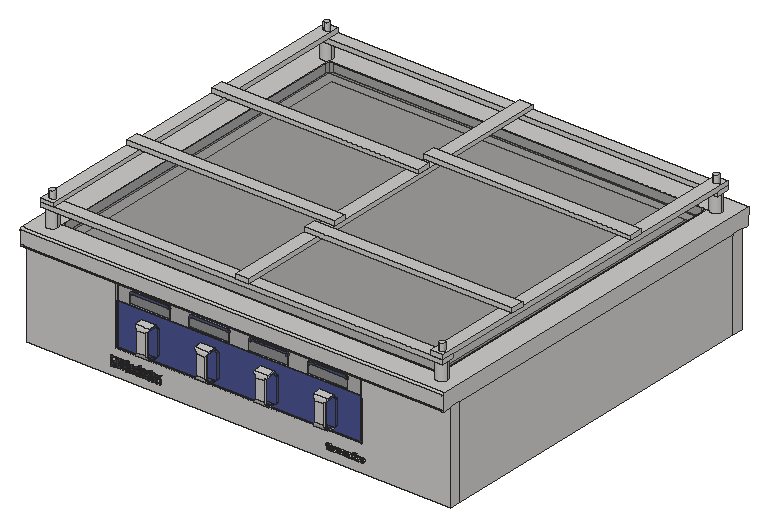
Revit family "QF_ELECTROLUXPROFESSIONAL_589843_MCIDAAJODM", category Attrezzature speciali, Revit 2020
Family settings
  Quota connettore circolare = Usa diametro
  Tipo di parte = Normale
  Basato su piano di lavoro = No
  Sempre verticale = Sì
  Taglio con vuoti quando caricato = No
  Condiviso = No
  Punto di calcolo locali = No
Parameters (values of type "Standard")
  Weight = 94.00 kg
  Watts = 20000 W
  Volts = 440 V
  URL Manufacturer = "https://www.electroluxprofessional.com/"
  URL = "https://www.electroluxprofessional.com/"
  Steam Supply Size = 0"
  Steam Supply Minimum Pressure = 0.00 psi
  Steam Supply Maximum Pressure = 0.00 psi
  Steam Consumption per Hour = 0
  Refrigeration Suction Line Size = 0 mm
  Refrigeration Liquid Line Size = 0 mm
  Refrigerant Compressor Remote = yes
  Prospetto di default = 0 mm
  Phase = 3
  Modello = "MCIDAAJODM"
  Produttore = "Electrolux Professional"
  Length Actual = 1000 mm  # constant formula
  Item Number = "589843"
  Hot Water Size = 0"
  Height Actual = 250 mm  # constant formula
  HP = "26.8 HP"
  Gas Size = 0"
  Gas KW = 0
  Gas Input Pressure = 0.0 Btu/h
  Direct Waste Size = 0"
  Descrizione = "MARINE*INDUCTION TOP,4Z,1S,1000X900X250H"
  Depth Actual = 900 mm  # constant formula
  Cycle = 50 Hz
  Condensate Return Size = 0"
  Compressed Air Volume = 0 GPM
  Compressed Air Size = 0"
  Compressed Air Pressure = 0.00 psi
  Cold Water Size = 0"
  Accessory = yes
Reference planes
  plane 1 "BACK": y = 0
  plane 2: z = 0
  plane 3 "LEFT": x = -100
  plane 4 "RIGHT": x = 900
  plane 5 "FRONT": y = -900
  plane 6 "TOP": z = 900
  plane 7 "Center (Left/Right)": x = 400
  plane 8: y = -450
  plane 9: z = 200
  plane 10: y = -150
  plane 11 "Panel": y = -855
  plane 12: z = 798
  plane 13: z = 975
  plane 14: x = -22
  plane 15: x = 822
  plane 16: y = -150
  plane 17: y = -650
  plane 18 "EIx": x = 855
  plane 19 "EIy": y = -685
  plane 20: y = -880
  plane 21 "TopBase": z = 650
Forms (mm)
  Extrusion 1, solid, material "QF_Finishes_Stainless Steel"
    sketch origin (-178.969, -4572, 200) x (-1, 0, 0) y (0, -1, 0)
      loop
        line (-78.969, -4527) -> (-78.969, -3717) -> (-1078.969, -3717) -> (-1078.969, -4527) -> (-78.969, -4527)
    from 450 to 663
  Extrusion 2, solid, material "QF_Finishes_Stainless Steel"
    sketch origin (0, 0, 650) x (-1, 0, 0) y (0, -1, 0)
      loop
        circle (-855, 685) r 6.35
    from 0 to -11.851
  Extrusion 3, solid, material "QF_Finishes_Stainless Steel"
    sketch origin (400, 296.4, 1219.2) x (0, 1, 0) y (0, 0, 1)
      loop
        line (-296.4, -319.2) -> (-1191.4, -319.2)
        arc (-1191.4, -319.2) -> (-1194.935, -320.664) -> (-1196.4, -324.2) r 5
        line (-1196.4, -324.2) -> (-1196.4, -355.2)
        arc (-1196.4, -355.2) -> (-1194.971, -358.264) -> (-1191.705, -359.139) r 4
        line (-1191.705, -359.139) -> (-1176.4, -356.231) -> (-316.4, -356.231) -> (-301.094, -359.139)
        arc (-301.094, -359.139) -> (-297.829, -358.264) -> (-296.4, -355.2) r 4
        line (-296.4, -355.2) -> (-296.4, -319.2)
    from -500 to 500
  Extrusion 4, solid, material "QF_Finishes_Electrolux_Black Smoke Iluminated"
    sketch origin (0, 0, 900) x (-1, 0, 0) y (0, -1, 0)
      loop
        arc (35, 56) -> (42.071, 58.929) -> (45, 66) r 10
        line (45, 66) -> (45, 833)
        arc (45, 833) -> (42.071, 840.071) -> (35, 843) r 10
        line (35, 843) -> (-835, 843)
        arc (-835, 843) -> (-842.071, 840.071) -> (-845, 833) r 10
        line (-845, 833) -> (-845, 66)
        arc (-845, 66) -> (-842.071, 58.929) -> (-835, 56) r 10
        line (-835, 56) -> (35, 56)
    from 0 to -20
  Extrusion 5, void
    sketch origin (0, 0, 900) x (-1, 0, 0) y (0, -1, 0)
      loop
        line (47, 845) -> (-847, 845) -> (-847, 54) -> (47, 54) -> (47, 845)
    from 0 to -25
  Extrusion 6, solid, material "QF_Finishes_Stainless Steel"
    sketch origin (0, 0, 900) x (-1, 0, 0) y (0, -1, 0)
      loop
        line (18, 83) -> (18, 816) -> (-818, 816) -> (-818, 83) -> (18, 83)
    from -20 to -25
  Extrusion 7, solid, material "QF_Finishes_Stainless Steel"
    sketch origin (400, 296.4, 1219.169) x (0, 1, 0) y (0, 0, 1)
      loop
        line (-341.4, -356.2) -> (-341.4, -569.2) -> (-316.4, -569.2) -> (-316.4, -356.2) -> (-341.4, -356.2)
    from -500 to 500
  Extrusion 8, solid, material "QF_Finishes_Stainless Steel"
    sketch origin (0, 0, 940) x (0, 1, 0) y (-1, 0, 0)
      loop
        line (-30, 75) -> (-60, 75) -> (-60, -875) -> (-30, -875) -> (-30, 75)
      loop
        line (-870, 75) -> (-870, -875) -> (-840, -875) -> (-840, 75) -> (-870, 75)
      loop
        circle (-855, 60) r 6.5
      loop
        circle (-855, -860) r 6.5
      loop
        circle (-45, 60) r 6.5
      loop
        circle (-45, -860) r 6.5
    from 0 to 10
  Extrusion 9, solid, material "QF_Finishes_Stainless Steel"
    sketch origin (0, 0, 950) x (0, 1, 0) y (-1, 0, 0)
      loop
        line (-30, 75) -> (-870, 75) -> (-870, 45) -> (-30, 45) -> (-30, 75)
      loop
        line (-30, -875) -> (-30, -845) -> (-870, -845) -> (-870, -875) -> (-30, -875)
      loop
        line (-30, -415) -> (-30, -385) -> (-870, -385) -> (-870, -415) -> (-30, -415)
      loop
        circle (-45, 60) r 6.5
      loop
        circle (-45, -860) r 6.5
      loop
        circle (-855, 60) r 6.5
      loop
        circle (-855, -860) r 6.5
    from 0 to 10
  Extrusion 10, solid, material "QF_Finishes_Stainless Steel"
    sketch origin (0, 0, 960) x (0, 1, 0) y (-1, 0, 0)
      loop
        line (-336, 75) -> (-366, 75) -> (-366, -415) -> (-336, -415) -> (-336, 75)
      loop
        line (-586, 75) -> (-616, 75) -> (-616, -415) -> (-586, -415) -> (-586, 75)
      loop
        line (-286, -385) -> (-316, -385) -> (-316, -875) -> (-286, -875) -> (-286, -385)
      loop
        line (-636, -385) -> (-666, -385) -> (-666, -875) -> (-636, -875) -> (-636, -385)
    from 0 to 10
  Extrusion 11, solid, material "QF_Finishes_Stainless Steel"
    sketch origin (0, -1, 900) x (-1, 0, 0) y (0, -1, 0)
      loop
        circle (60, 44) r 13
      loop
        circle (-860, 44) r 13
      loop
        circle (60, 854) r 13
      loop
        circle (-860, 854) r 13
    from 0 to 40
  Extrusion 12, solid, material "QF_Finishes_Stainless Steel"
    sketch origin (0, -1, 940) x (0, 1, 0) y (-1, 0, 0)
      loop
        circle (-854, 60) r 6.5
      loop
        circle (-854, -860) r 6.5
      loop
        circle (-44, 60) r 6.5
      loop
        circle (-44, -860) r 6.5
    from 0 to 35
Cuts and joins
  Extrusion 5 cuts Extrusion 3
Lines and regions (mm)
  symbolic lines
    curve 1: line (-100, 0, 200) -> (900, 0, 200)
    curve 2: line (-100, -900, 200) -> (-100, 0, 200)
    curve 3: line (900, -900, 200) -> (-100, -900, 200)
    curve 4: line (900, 0, 200) -> (900, -900, 200)
    curve 43: line (-75, -30, 900) -> (-45, -30, 900)
    curve 44: line (-75, -870, 900) -> (-75, -30, 900)
    curve 45: line (-45, -870, 900) -> (-75, -870, 900)
    curve 46: line (-45, -30, 900) -> (-45, -336, 900)
    curve 47: line (875, -30, 900) -> (845, -30, 900)
    curve 48: line (875, -870, 900) -> (875, -30, 900)
    curve 49: line (845, -870, 900) -> (875, -870, 900)
    curve 50: line (845, -30, 900) -> (845, -286, 900)
    curve 51: line (-75, -336, 900) -> (415, -336, 900)
    curve 52: line (-75, -366, 900) -> (415, -366, 900)
    curve 53: line (-75, -586, 900) -> (415, -586, 900)
    curve 54: line (-75, -616, 900) -> (415, -616, 900)
    curve 55: line (385, -286, 900) -> (875, -286, 900)
    curve 56: line (385, -316, 900) -> (875, -316, 900)
    curve 57: line (385, -636, 900) -> (875, -636, 900)
    curve 58: line (385, -666, 900) -> (875, -666, 900)
    curve 59: line (-18, -83, 900) -> (387, -83, 900)
    curve 60: line (415, -83, 900) -> (818, -83, 900)
    curve 61: line (818, -83, 900) -> (818, -286, 900)
    curve 62: line (818, -316, 900) -> (818, -636, 900)
    curve 63: line (818, -666, 900) -> (818, -816, 900)
    curve 64: line (818, -816, 900) -> (415, -816, 900)
    curve 65: line (-18, -816, 900) -> (-18, -616, 900)
    curve 66: line (-18, -586, 900) -> (-18, -366, 900)
    curve 67: line (-18, -336, 900) -> (-18, -83, 900)
    curve 68: line (415, -870, 900) -> (415, -666, 900)
    curve 69: line (385, -870, 900) -> (385, -616, 900)
    curve 70: line (415, -636, 900) -> (415, -316, 900)
    curve 71: line (385, -586, 900) -> (385, -366, 900)
    curve 72: line (385, -336, 900) -> (385, -30, 900)
    curve 73: line (415, -286, 900) -> (415, -30, 900)
    curve 74: line (-45, -30, 900) -> (845, -30, 900)
    curve 75: line (-45, -870, 900) -> (845, -870, 900)
    curve 76: line (-45, -840, 900) -> (385, -840, 900)
    curve 77: line (415, -840, 900) -> (845, -840, 900)
    curve 78: line (-45, -60, 900) -> (385, -60, 900)
    curve 79: line (415, -60, 900) -> (845, -60, 900)
    curve 80: line (-45, -366, 900) -> (-45, -586, 900)
    curve 81: line (-45, -616, 900) -> (-45, -870, 900)
    curve 82: line (845, -666, 900) -> (845, -870, 900)
    curve 83: line (845, -316, 900) -> (845, -636, 900)
    curve 84: line (385, -816, 900) -> (-18, -816, 900)
  model lines
    curve 5: line (64.474, -422.012, 900) -> (46.796, -404.335, 900)
    curve 6: line (46.796, -404.335, 900) -> (46.796, -169.335, 900)
    curve 7: line (46.796, -169.335, 900) -> (64.474, -151.657, 900)
    curve 8: line (183.85, -245.603, 900) -> (183.85, -325.603, 900)
    curve 9: line (143.85, -285.603, 900) -> (223.85, -285.603, 900)
    curve 10: line (303.226, -422.012, 900) -> (320.903, -404.335, 900)
    curve 11: line (320.903, -404.335, 900) -> (320.903, -169.335, 900)
    curve 12: line (320.903, -169.335, 900) -> (303.226, -151.657, 900)
    curve 13: line (494.474, -422.012, 900) -> (476.796, -404.335, 900)
    curve 14: line (476.796, -404.335, 900) -> (476.796, -169.335, 900)
    curve 15: line (476.796, -169.335, 900) -> (494.474, -151.657, 900)
    curve 16: line (613.85, -245.603, 900) -> (613.85, -325.603, 900)
    curve 17: line (573.85, -285.603, 900) -> (653.85, -285.603, 900)
    curve 18: line (733.226, -422.012, 900) -> (750.903, -404.335, 900)
    curve 19: line (750.903, -404.335, 900) -> (750.903, -169.335, 900)
    curve 20: line (750.903, -169.335, 900) -> (733.226, -151.657, 900)
    curve 21: line (64.474, -477.988, 900) -> (46.796, -495.665, 900)
    curve 22: line (46.796, -495.665, 900) -> (46.796, -730.665, 900)
    curve 23: line (46.796, -730.665, 900) -> (64.474, -748.343, 900)
    curve 24: line (183.85, -654.397, 900) -> (183.85, -574.397, 900)
    curve 25: line (143.85, -614.397, 900) -> (223.85, -614.397, 900)
    curve 26: line (303.226, -477.988, 900) -> (320.903, -495.665, 900)
    curve 27: line (320.903, -495.665, 900) -> (320.903, -730.665, 900)
    curve 28: line (320.903, -730.665, 900) -> (303.226, -748.343, 900)
    curve 29: line (494.474, -477.988, 900) -> (476.796, -495.665, 900)
    curve 30: line (476.796, -495.665, 900) -> (476.796, -730.665, 900)
    curve 31: line (476.796, -730.665, 900) -> (494.474, -748.343, 900)
    curve 32: line (613.85, -654.397, 900) -> (613.85, -574.397, 900)
    curve 33: line (573.85, -614.397, 900) -> (653.85, -614.397, 900)
    curve 34: line (733.226, -477.988, 900) -> (750.903, -495.665, 900)
    curve 35: line (750.903, -495.665, 900) -> (750.903, -730.665, 900)
    curve 36: line (750.903, -730.665, 900) -> (733.226, -748.343, 900)
    curve 37: line (-7.896, -110.891, 900) -> (13.317, -89.677, 900)
    curve 38: line (13.317, -89.677, 900) -> (786.683, -89.677, 900)
    curve 39: line (807.896, -110.891, 900) -> (786.683, -89.677, 900)
    curve 40: line (-7.896, -789.109, 900) -> (13.317, -810.323, 900)
    curve 41: line (13.317, -810.323, 900) -> (786.683, -810.323, 900)
    curve 42: line (807.896, -789.109, 900) -> (786.683, -810.323, 900)
Dimensions and locks
  plane 3 "LEFT" to plane 4 "RIGHT" = 1000 mm
  plane 5 "FRONT" to plane 1 "BACK" = 900 mm
  plane 3 "LEFT" to plane 7 "Center (Left/Right)" to plane 4 "RIGHT" = 500 mm, 500 mm
  equal spacing: plane 5 "FRONT", plane 8, plane 1 "BACK"
  plane 6 "TOP" to level = 900 mm  (x2)
  plane 9 to level = 200 mm
  plane 1 "BACK" to plane 10 to plane 11 "Panel" = 150 mm, 705 mm  (x2)
  plane 6 "TOP" to plane 9 to level = 700 mm, 200 mm
  plane 1 "BACK" to plane 5 "FRONT" = 900 mm
  plane 1 "BACK" to Extrusion 2 = 685 mm
  plane 12 to plane 9 = 598 mm
  plane 13 to plane 6 "TOP" = 75 mm
  plane 6 "TOP" to plane 12 = 102 mm
  plane 14 to plane 3 "LEFT" = 78 mm
  plane 15 to plane 4 "RIGHT" = 78 mm
  locked: plane 1 "BACK" to plane 16 at 150
  locked: plane 16 to plane 17 at 500
  plane 11 "Panel" to plane 5 "FRONT" = 45 mm
  plane 18 "EIx" to plane 4 "RIGHT" = 45 mm
  plane 19 "EIy" to plane 1 "BACK" = 685 mm
  locked: plane 11 "Panel" to plane 20 at 25
  aligned and locked: level to plane 2
  aligned and locked: cut or joined group of Extrusion 3, Extrusion 5 to plane 3 "LEFT"
  aligned and locked: cut or joined group of Extrusion 3, Extrusion 5 to plane 4 "RIGHT"
  aligned and locked: nested 1 to plane 11 "Panel"
  aligned and locked: Extrusion 1 to plane 11 "Panel"
  aligned and locked: Extrusion 7 to plane 4 "RIGHT"
  aligned and locked: Extrusion 1 to plane 3 "LEFT"
  aligned and locked: Extrusion 7 to plane 3 "LEFT"
  aligned and locked: Extrusion 1 to plane 4 "RIGHT"
Automatic sketch dimensions
  Extrusion 3 sketch curve to plane 5 "FRONT" = 0 mm
  Extrusion 3 sketch curve to plane 6 "TOP" = 0 mm
  Extrusion 3 sketch curve to plane 20 = 0 mm
  Extrusion 3 sketch curve to plane 1 "BACK" = 0 mm
  Extrusion 3 sketch curve to Extrusion 3 sketch curve = 4 mm
  Extrusion 3 sketch curve to Extrusion 3 sketch curve = 0.695 mm
  Extrusion 3 sketch curve to plane 5 "FRONT" = 5 mm
  plane 1 "BACK" to Extrusion 3 sketch curve = 20 mm
  plane 1 "BACK" to Extrusion 3 sketch curve = 4.695 mm
  plane 1 "BACK" to Extrusion 3 sketch curve = 4 mm
  Extrusion 3 sketch curve to Extrusion 3 sketch curve = 31 mm
  Extrusion 3 sketch curve to Extrusion 3 sketch curve = 36 mm
  Extrusion 3 sketch curve to Extrusion 3 sketch curve = 2.909 mm
  plane 1 "BACK" to Extrusion 7 sketch curve = 45 mm
  plane 1 "BACK" to Extrusion 7 sketch curve = 20 mm
  Extrusion 7 sketch curve to plane 12 = 148.031 mm
  Extrusion 7 sketch curve to plane 6 "TOP" = 37.031 mm
  Extrusion 2 sketch curve to plane 18 "EIx" = 0 mm
  Extrusion 2 sketch curve to plane 19 "EIy" = 0 mm
  Extrusion 1 sketch curve to plane 4 "RIGHT" = 0 mm
  Extrusion 1 sketch curve to plane 3 "LEFT" = 0 mm
  Extrusion 1 sketch curve to plane 11 "Panel" = 0 mm
  plane 1 "BACK" to Extrusion 1 sketch curve = 45 mm
  plane 1 "BACK" to curve 1 = 0 mm
  curve 1 to plane 4 "RIGHT" = 0 mm
  curve 3 to plane 3 "LEFT" = 0 mm
  plane 5 "FRONT" to curve 3 = 0 mm
  plane 18 "EIx" to Extrusion 4 sketch curve = 10 mm
  Extrusion 4 sketch curve to plane 15 = 13 mm
  Extrusion 4 sketch curve to Extrusion 4 sketch curve = 10 mm  (x2)
  plane 14 to Extrusion 4 sketch curve = 13 mm  (x2)
  plane 1 "BACK" to Extrusion 4 sketch curve = 56 mm
  plane 11 "Panel" to Extrusion 4 sketch curve = 22 mm
  plane 18 "EIx" to Extrusion 5 sketch curve = 8 mm
  plane 14 to Extrusion 5 sketch curve = 25 mm
  plane 1 "BACK" to Extrusion 5 sketch curve = 54 mm
  plane 11 "Panel" to Extrusion 5 sketch curve = 10 mm
  plane 15 to Extrusion 6 sketch curve = 4 mm
  Extrusion 6 sketch curve to plane 14 = 4 mm
  plane 10 to Extrusion 6 sketch curve = 67 mm
  plane 11 "Panel" to Extrusion 6 sketch curve = 39 mm
  Extrusion 8 sketch curve to plane 11 "Panel" = 0 mm  (x2)
  Extrusion 8 sketch curve to plane 20 = 10 mm
  plane 11 "Panel" to Extrusion 8 sketch curve = 15 mm
  Extrusion 8 sketch curve to plane 18 "EIx" = 20 mm  (x2)
  plane 1 "BACK" to Extrusion 8 sketch curve = 60 mm
  Extrusion 8 sketch curve to Extrusion 8 sketch curve = 15 mm  (x5)
  Extrusion 8 sketch curve to plane 18 "EIx" = 5 mm  (x2)
  plane 14 to Extrusion 8 sketch curve = 38 mm  (x2)
  Extrusion 9 sketch curve to plane 11 "Panel" = 0 mm  (x2)
  Extrusion 9 sketch curve to plane 20 = 10 mm  (x3)
  Extrusion 9 sketch curve to plane 18 "EIx" = 5 mm  (x2)
  plane 1 "BACK" to Extrusion 9 sketch curve = 45 mm  (x2)
  plane 1 "BACK" to Extrusion 9 sketch curve = 30 mm
  Extrusion 9 sketch curve to Extrusion 9 sketch curve = 15 mm  (x5)
  Extrusion 9 sketch curve to plane 18 "EIx" = 20 mm
  plane 18 "EIx" to Extrusion 9 sketch curve = 10 mm
  plane 7 "Center (Left/Right)" to Extrusion 9 sketch curve = 15 mm
  Extrusion 9 sketch curve to plane 7 "Center (Left/Right)" = 15 mm
  plane 14 to Extrusion 9 sketch curve = 23 mm
  plane 17 to Extrusion 10 sketch curve = 16 mm
  Extrusion 10 sketch curve to plane 17 = 14 mm
  Extrusion 10 sketch curve to plane 17 = 34 mm
  Extrusion 10 sketch curve to Extrusion 10 sketch curve = 30 mm  (x3)
  plane 3 "LEFT" to Extrusion 10 sketch curve = 25 mm  (x2)
  plane 8 to Extrusion 10 sketch curve = 84 mm
  Extrusion 10 sketch curve to plane 7 "Center (Left/Right)" = 15 mm  (x2)
  Extrusion 10 sketch curve to Extrusion 10 sketch curve = 20 mm
  plane 7 "Center (Left/Right)" to Extrusion 10 sketch curve = 15 mm  (x2)
  Extrusion 10 sketch curve to plane 18 "EIx" = 20 mm  (x2)
  Extrusion 11 sketch curve to plane 11 "Panel" = 0 mm  (x2)
  Extrusion 11 sketch curve to plane 18 "EIx" = 5 mm  (x2)
  plane 14 to Extrusion 11 sketch curve = 38 mm  (x2)
  plane 1 "BACK" to Extrusion 11 sketch curve = 45 mm  (x2)
  Extrusion 12 sketch curve to plane 11 "Panel" = 0 mm  (x2)
  Extrusion 12 sketch curve to plane 18 "EIx" = 5 mm  (x2)
  plane 1 "BACK" to Extrusion 12 sketch curve = 45 mm  (x2)
  plane 14 to Extrusion 12 sketch curve = 38 mm  (x2)
  curve 49 to plane 18 "EIx" = 20 mm
  plane 18 "EIx" to curve 47 = 10 mm
  plane 18 "EIx" to curve 82 = 10 mm
  plane 15 to curve 61 = 4 mm
  plane 15 to curve 64 = 4 mm
  curve 60 to curve 39 = 31.317 mm
  curve 63 to curve 42 = 31.317 mm
  curve 19 to plane 10 = 19.335 mm
  plane 15 to curve 19 = 71.097 mm
  plane 15 to curve 36 = 71.097 mm
  plane 7 "Center (Left/Right)" to curve 30 = 76.796 mm
  plane 7 "Center (Left/Right)" to curve 14 = 76.796 mm
  curve 11 to plane 10 = 19.335 mm
  curve 11 to plane 7 "Center (Left/Right)" = 79.097 mm
  curve 28 to plane 7 "Center (Left/Right)" = 79.097 mm
  curve 22 to plane 14 = 68.796 mm
  curve 5 to plane 14 = 68.796 mm
  curve 40 to plane 14 = 35.317 mm
  curve 38 to plane 14 = 35.317 mm
  curve 65 to plane 14 = 4 mm
  curve 59 to plane 14 = 4 mm
  curve 75 to plane 20 = 10 mm
  plane 14 to curve 75 = 23 mm
  plane 14 to curve 74 = 23 mm
  plane 3 "LEFT" to curve 45 = 25 mm
  plane 10 to curve 38 = 60.323 mm
  curve 60 to curve 38 = 6.677 mm
  curve 67 to curve 37 = 6.677 mm
  plane 1 "BACK" to curve 74 = 30 mm
  curve 7 to plane 10 = 19.335 mm
  curve 14 to plane 10 = 19.335 mm
  plane 8 to curve 5 = 45.665 mm
  plane 8 to curve 10 = 45.665 mm
  plane 8 to curve 19 = 45.665 mm
  plane 8 to curve 13 = 45.665 mm
  curve 30 to plane 8 = 45.665 mm
  curve 26 to plane 8 = 45.665 mm
  curve 35 to plane 8 = 45.665 mm
  curve 21 to plane 8 = 45.665 mm
  curve 35 to plane 19 "EIy" = 45.665 mm
  curve 28 to plane 19 "EIy" = 45.665 mm
  curve 31 to plane 19 "EIy" = 45.665 mm
  curve 23 to plane 19 "EIy" = 45.665 mm
  plane 11 "Panel" to curve 41 = 44.677 mm
  curve 41 to curve 64 = 5.677 mm
  curve 40 to curve 84 = 5.677 mm
  plane 18 "EIx" to curve 83 = 10 mm
  plane 15 to curve 62 = 4 mm
  plane 15 to curve 39 = 14.104 mm
  plane 15 to curve 42 = 14.104 mm
  curve 34 to plane 8 = 27.988 mm
  curve 34 to curve 34 = 17.678 mm
  curve 35 to curve 36 = 17.678 mm  (x2)
  curve 20 to plane 10 = 1.657 mm
  curve 19 to curve 20 = 17.678 mm
  plane 8 to curve 18 = 27.988 mm
  curve 18 to curve 18 = 17.678 mm
  curve 33 to plane 17 = 35.603 mm
  curve 35 to curve 33 = 97.053 mm
  curve 19 to curve 17 = 97.053 mm
  curve 17 to curve 16 = 40 mm  (x2)
  curve 33 to curve 32 = 40 mm
  curve 32 to curve 33 = 40 mm  (x2)
  curve 16 to curve 17 = 40 mm  (x2)
  curve 31 to curve 30 = 17.678 mm
  curve 29 to plane 8 = 27.988 mm
  curve 29 to curve 29 = 17.678 mm
  curve 15 to plane 10 = 1.657 mm
  curve 15 to curve 14 = 17.678 mm
  plane 8 to curve 13 = 27.988 mm
  curve 13 to curve 13 = 17.678 mm
  plane 7 "Center (Left/Right)" to curve 64 = 15 mm
  plane 7 "Center (Left/Right)" to curve 70 = 15 mm
  plane 7 "Center (Left/Right)" to curve 73 = 15 mm
  curve 59 to plane 7 "Center (Left/Right)" = 13 mm
  curve 56 to plane 7 "Center (Left/Right)" = 15 mm
  curve 57 to plane 7 "Center (Left/Right)" = 15 mm
  curve 71 to plane 7 "Center (Left/Right)" = 15 mm
  curve 26 to plane 8 = 27.988 mm
  curve 26 to curve 26 = 17.678 mm
  curve 27 to curve 28 = 17.678 mm  (x2)
  curve 12 to plane 10 = 1.657 mm
  curve 11 to curve 12 = 17.678 mm
  plane 8 to curve 10 = 27.988 mm
  curve 10 to curve 10 = 17.678 mm
  curve 11 to curve 9 = 97.053 mm
  curve 25 to plane 17 = 35.603 mm
  curve 27 to curve 25 = 97.053 mm
  curve 9 to curve 8 = 40 mm  (x2)
  plane 17 to curve 24 = 4.397 mm
  curve 25 to curve 24 = 40 mm
  curve 8 to curve 9 = 40 mm  (x2)
  curve 24 to curve 25 = 40 mm  (x2)
  curve 21 to plane 8 = 27.988 mm
  curve 21 to curve 21 = 17.678 mm
  plane 8 to curve 5 = 27.988 mm
  curve 5 to curve 5 = 17.678 mm
  curve 23 to curve 22 = 17.678 mm
  curve 7 to plane 10 = 1.657 mm
  curve 7 to curve 6 = 17.678 mm
  curve 37 to plane 14 = 14.104 mm
  curve 40 to plane 14 = 14.104 mm
  curve 66 to plane 14 = 4 mm
  plane 14 to curve 80 = 23 mm
  curve 60 to curve 39 = 27.891 mm
  curve 59 to curve 37 = 27.891 mm
  curve 78 to curve 59 = 23 mm
  curve 79 to curve 60 = 23 mm
  curve 16 to plane 10 = 95.603 mm
  curve 8 to plane 10 = 95.603 mm
  curve 11 to curve 55 = 116.665 mm
  curve 61 to curve 62 = 30 mm
  plane 8 to curve 46 = 114 mm
  curve 51 to curve 52 = 30 mm
  curve 80 to plane 17 = 64 mm
  curve 66 to curve 65 = 30 mm
  curve 57 to plane 17 = 14 mm
  plane 17 to curve 32 = 4.397 mm
  plane 17 to curve 63 = 16 mm
  curve 22 to curve 23 = 17.678 mm
  curve 30 to curve 31 = 17.678 mm
  curve 42 to curve 63 = 26.891 mm
  curve 40 to curve 65 = 26.891 mm
  plane 11 "Panel" to curve 77 = 15 mm
  plane 11 "Panel" to curve 76 = 15 mm
  radius of Extrusion 2 sketch curve = 6.35 mm
  radius of Extrusion 8 sketch curve = 6.5 mm  (x4)
  radius of Extrusion 9 sketch curve = 6.5 mm  (x4)
  radius of Extrusion 11 sketch curve = 13 mm  (x4)
  radius of Extrusion 12 sketch curve = 6.5 mm  (x4)
Nested families
  nested 1: "Front_Panel_W1000_4 Knobs" at (102.376, -855, 0), type "Front_Panel_W1000_4 Knobs"
Connectors
  electrical at (855, -685, 638.149)
    settings: on Extrusion 2, index 1, voltage 400 V, apparent load 33000 VA, apparent load phase1 0 VA, apparent load phase2 0 VA, apparent load phase3 0 VA, power factor 1, load classification "Other", number of poles 1, system type 30, power factor state 1, is connector primary yes, connector utility no, sub classification motor no, connector description "ELECTRICAL CONNECTION"
Definition of nested family "Front_Panel_W1000_4 Knobs"
  Parameters
    Default Elevation = 0 mm
  Reference planes
    plane 1 "Center (Front/Back)": y = 0
    plane 2: z = 0
    plane 3 "Center (Left/Right)": x = 297.624
    plane 4 "Left": x = -202.376
    plane 5 "Right": x = 797.624
    plane 6: y = -45
    plane 7: x = 87.624
    plane 8: x = 227.624
    plane 9: y = -25
    plane 10: x = -2.376
    plane 11: x = 367.624
    plane 12: x = 507.624
    plane 13: x = 594.715
  Forms (mm)
    Extrusion 1, solid
      sketch origin (833.217, 829.203, -1.25) x (0, 1, 0) y (0, 0, 1)
        loop
          line (-854.203, 651.25) -> (-829.203, 651.25) -> (-829.203, 864.25) -> (-854.203, 864.25) -> (-854.203, 651.25)
      from -1035.593 to -35.593
    Extrusion 2, void
      sketch origin (0, 0, 0) x (1, 0, 0) y (0, 0, 1)
        loop
          line (7.624, 853.866) -> (7.624, 711.866) -> (587.624, 711.866) -> (587.624, 853.866) -> (7.624, 853.866)
      from 19.387 to 33.951
  Cuts and joins
    Extrusion 2 cuts Extrusion 1
  Dimensions and locks
    equal spacing: plane 5 "Right", plane 3 "Center (Left/Right)", plane 4 "Left"
    plane 5 "Right" to plane 4 "Left" = 1000 mm
    plane 3 "Center (Left/Right)" to plane 7 = 210 mm
    plane 3 "Center (Left/Right)" to plane 8 = 70 mm
    plane 12 to plane 3 "Center (Left/Right)" = 210 mm
    plane 11 to plane 3 "Center (Left/Right)" = 70 mm
    aligned and locked: cut or joined group of Extrusion 1, Extrusion 2 to plane 4 "Left"
    aligned and locked: plane 5 "Right" to cut or joined group of Extrusion 1, Extrusion 2
    aligned and locked: plane 3 "Center (Left/Right)" to nested 2
    aligned and locked: cut or joined group of Extrusion 1, Extrusion 2 to nested 2
  Automatic sketch dimensions
    Extrusion 1 sketch curve to plane 1 "Center (Front/Back)" = 0 mm
    level to Extrusion 1 sketch curve = 650 mm
    plane 4 "Left" to Extrusion 2 sketch curve = 210 mm
    Extrusion 2 sketch curve to plane 5 "Right" = 210 mm
    level to Extrusion 2 sketch curve = 711.866 mm
    Extrusion 2 sketch curve to Extrusion 2 sketch curve = 142 mm
    Extrusion 1 sketch curve to plane 6 = 20 mm
    Extrusion 1 sketch curve to Extrusion 1 sketch curve = 213 mm
  Nested families
    nested 1: "Range Control Handle" at (87.624, -28.137, -209.113) x (-1, 0, 0) z (0, 0, 1), type "Range Control Handle"
    nested 2: "Front glass control panel W1000" at (297.624, 280.644, 2.752), type "Front glass control panel W1000"
    nested 3: "Range Control Handle" at (227.624, -28.137, -209.113) x (-1, 0, 0) z (0, 0, 1), type "Range Control Handle"
    nested 4: "Range Control Handle" at (367.624, -28.137, -209.113), type "Range Control Handle"
    nested 5: "Range Control Handle" at (507.624, -28.137, -209.113), type "Range Control Handle"
    nested 6: "ELX_ThermaLine_Small" at (546.122, -25, 679.426) x (1, 0, 0) z (0, -1, 0), type "ELX_ThermaLine_Small"
      with Show Logo yes, Material_Logo none
    nested 7: "ELX_Professional_Logo_Small" at (57.11, -25, 681.659) x (1, 0, 0) z (0, -1, 0), type "ELX_Professional_Logo_Small"
      with Show Logo yes, Material_Logo none
  Definition of nested family "Range Control Handle"
    Parameters
      Default Elevation = 0 mm
    Reference planes
      plane 1 "Center (Front/Back)": y = 0
      plane 2: z = 0
      plane 3 "Center (Left/Right)": x = 0
      plane 4: z = 971.092
      plane 5: y = -16.9
    Forms (mm)
      Extrusion 1, solid
        sketch origin (-746.28, 380.497, 208.931) x (-1, 0, 0) y (0, 0, 1)
          loop
            line (-770.101, 786.798) -> (-770.101, 731.649)
            arc (-770.101, 731.649) -> (-769.759, 730.563) -> (-768.855, 729.87) r 1.893
            line (-768.855, 729.87) -> (-763.474, 727.911) -> (-729.81, 727.911) -> (-724.428, 729.87)
            arc (-724.428, 729.87) -> (-723.525, 730.563) -> (-723.183, 731.649) r 1.893
            line (-723.183, 731.649) -> (-723.183, 786.798)
            arc (-723.183, 786.798) -> (-723.529, 787.894) -> (-724.44, 788.593) r 1.91
            line (-724.44, 788.593) -> (-729.683, 790.819) -> (-763.601, 790.819) -> (-768.844, 788.593)
            arc (-768.844, 788.593) -> (-769.755, 787.894) -> (-770.101, 786.798) r 1.91
        from -382.35 to -378.852
      Sweep 2, solid
        path origin (-746.788, 380.496, 208.091) x (0, -1, 0) y (0, 0, 1)
          loop
            line (379.775, 793.281) -> (395.661, 791.048)
            arc (395.661, 791.048) -> (397.781, 787.377) -> (398.517, 783.202) r 12.207
            line (398.517, 783.202) -> (398.517, 737.368)
            arc (398.517, 737.368) -> (397.781, 733.193) -> (395.661, 729.522) r 12.207
            line (395.661, 729.522) -> (379.775, 727.289)
        profile origin (-746.788, -7.222, 1000.256) x (0, -0.139173, 0.990268) y (-1, 0, 0)
          loop
            line (0.782, -763.123) -> (0.782, -730.907) -> (-1.322, -730.907) -> (-1.322, -763.123) -> (0.782, -763.123)
      Sweep 3, solid
        path origin (-746.788, 380.715, 207.832) x (0, -1, 0) y (0, 0, 1)
          loop
            line (380.478, 795.442) -> (397.218, 793.09)
            arc (397.218, 793.09) -> (399.929, 788.473) -> (400.871, 783.202) r 15.207
            line (400.871, 783.202) -> (400.871, 737.584)
            arc (400.871, 737.584) -> (399.914, 732.274) -> (397.164, 727.633) r 15.207
            line (397.164, 727.633) -> (380.601, 725.305)
        profile origin (-746.788, -8.132, 1002.099) x (0, -0.139173, 0.990268) y (-1, 0, 0)
          loop
            line (0.782, -763.123) -> (0.782, -730.907) -> (-1.322, -730.907) -> (-1.322, -763.123) -> (0.782, -763.123)
      Extrusion 4, void
        sketch origin (889.253, 220.666, 207.993) x (1, 0, 0) y (0, 0, 1)
          loop
            line (-943.038, 816.854) -> (-943.038, 703.686) -> (-899.466, 734.196) -> (-899.466, 786.344) -> (-943.038, 816.854)
        from 230.636 to 242.25
      Extrusion 5, void
        sketch origin (-888.8, 220.666, 207.993) x (-1, 0, 0) y (0, 0, -1)
          loop
            line (-943.038, -816.854) -> (-899.466, -786.344) -> (-899.466, -734.196) -> (-943.038, -703.686) -> (-943.038, -816.854)
        from 230.636 to 242.25
      Extrusion 6, solid
        sketch origin (0, 0, 0) x (1, 0, 0) y (0, 0, 1)
          loop
            circle (0, 971.092) r 7.736
        from -3.137 to -1.645
    Cuts and joins
      Extrusion 4, Extrusion 5 cuts Sweep 3
      Extrusion 4, Extrusion 5 cuts Sweep 2
      joined: Extrusion 1, Extrusion 6
    Lines and regions (mm)
      symbolic lines
        curve 1: line (16.334, -16.9, 0) -> (16.334, -19.227, 0)
        curve 2: spline (16.334, -19.227, 0) -> (15.87, -19.385, 0) -> (15.404, -19.536, 0) -> (14.936, -19.678, 0) -> (14.466, -19.813, 0) -> (13.995, -19.94, 0) -> (13.523, -20.059, 0) -> (13.049, -20.171, 0) -> (12.575, -20.274, 0) -> (12.099, -20.37, 0) -> (11.622, -20.458, 0) -> (11.144, -20.537, 0) -> (10.666, -20.609, 0)
        curve 3: line (10.666, -16.9, 0) -> (10.666, -20.938, 0)
        curve 4: line (-10.213, -20.938, 0) -> (10.666, -20.938, 0)
        curve 5: line (-10.213, -20.938, 0) -> (-10.213, -16.9, 0)
        curve 6: spline (-10.213, -20.609, 0) -> (-10.691, -20.537, 0) -> (-11.169, -20.458, 0) -> (-11.646, -20.37, 0) -> (-12.122, -20.274, 0) -> (-12.597, -20.171, 0) -> (-13.07, -20.059, 0) -> (-13.542, -19.94, 0) -> (-14.013, -19.813, 0) -> (-14.483, -19.678, 0) -> (-14.951, -19.536, 0) -> (-15.417, -19.385, 0) -> (-15.881, -19.227, 0)
        curve 7: line (-15.881, -19.227, 0) -> (-15.881, -16.9, 0)
  Definition of nested family "Front glass control panel W1000"
    Parameters
      Default Elevation = 0 mm
    Reference planes
      plane 1 "Center (Front/Back)": y = 0
      plane 2: z = 0
      plane 3 "Center (Left/Right)": x = 0
    Forms (mm)
      Extrusion 1, solid
        sketch origin (378.286, 0, 0.617) x (1, 0, 0) y (0, 0, 1)
          loop
            line (-668.286, 806.791) -> (-668.286, 708.497) -> (-88.286, 708.497) -> (-88.286, 806.791) -> (-668.286, 806.791)
        from 300.031 to 304.8
      Extrusion 2, solid
        sketch origin (378.286, 0, 0.617) x (1, 0, 0) y (0, 0, 1)
          loop
            line (-668.286, 850.497) -> (-668.286, 806.791) -> (-88.286, 806.791) -> (-88.286, 850.497) -> (-668.286, 850.497)
        from 300.031 to 304.8
      Extrusion 3, void
        sketch origin (378.286, 0, 0.617) x (1, 0, 0) y (0, 0, 1)
          loop
            line (-665.628, 847.565) -> (-665.628, 710.699) -> (-91.196, 710.699) -> (-91.196, 847.565) -> (-665.628, 847.565)
        from 303.697 to 304.8
      Extrusion 4, solid
        sketch origin (-378.333, 1.101, -0.633) x (-1, 0, 0) y (0, 0, -1)
          loop
            line (-261.431, -812.62) -> (-355.186, -812.62) -> (-355.186, -834.177) -> (-350.269, -834.177) -> (-348.469, -835.977) -> (-268.039, -835.977) -> (-266.24, -834.177) -> (-261.431, -834.177) -> (-261.431, -812.62)
        from 304.798 to 306.745
      Extrusion 5, solid
        sketch origin (-378.333, 1.101, -0.633) x (-1, 0, 0) y (0, 0, -1)
          loop
            line (-350.269, -834.177) -> (-355.078, -834.177)
            arc (-355.078, -834.177) -> (-353.942, -838.747) -> (-349.686, -840.763) r 5.5
            line (-349.686, -840.763) -> (-266.98, -840.763)
            arc (-266.98, -840.763) -> (-262.706, -838.752) -> (-261.529, -834.177) r 5.549
            line (-261.529, -834.177) -> (-266.24, -834.177) -> (-268.039, -835.977) -> (-348.469, -835.977) -> (-350.269, -834.177)
        from 304.798 to 306.745
      Extrusion 6, solid
        sketch origin (-518.333, 1.101, -0.633) x (-1, 0, 0) y (0, 0, -1)
          loop
            line (-261.431, -812.62) -> (-355.186, -812.62) -> (-355.186, -834.177) -> (-350.269, -834.177) -> (-348.469, -835.977) -> (-268.039, -835.977) -> (-266.24, -834.177) -> (-261.431, -834.177) -> (-261.431, -812.62)
        from 304.798 to 306.745
      Extrusion 7, solid
        sketch origin (-518.333, 1.101, -0.633) x (-1, 0, 0) y (0, 0, -1)
          loop
            line (-350.269, -834.177) -> (-355.078, -834.177)
            arc (-355.078, -834.177) -> (-353.942, -838.747) -> (-349.686, -840.763) r 5.5
            line (-349.686, -840.763) -> (-266.98, -840.763)
            arc (-266.98, -840.763) -> (-262.706, -838.752) -> (-261.529, -834.177) r 5.549
            line (-261.529, -834.177) -> (-266.24, -834.177) -> (-268.039, -835.977) -> (-348.469, -835.977) -> (-350.269, -834.177)
        from 304.798 to 306.745
      Extrusion 8, solid
        sketch origin (378.333, 1.101, -0.633) x (1, 0, 0) y (0, 0, 1)
          loop
            line (-261.431, 812.62) -> (-261.431, 834.177) -> (-266.24, 834.177) -> (-268.039, 835.977) -> (-348.469, 835.977) -> (-350.269, 834.177) -> (-355.186, 834.177) -> (-355.186, 812.62) -> (-261.431, 812.62)
        from 304.798 to 306.745
      Extrusion 9, solid
        sketch origin (378.333, 1.101, -0.633) x (1, 0, 0) y (0, 0, 1)
          loop
            line (-350.269, 834.177) -> (-348.469, 835.977) -> (-268.039, 835.977) -> (-266.24, 834.177) -> (-261.529, 834.177)
            arc (-261.529, 834.177) -> (-262.706, 838.752) -> (-266.98, 840.763) r 5.549
            line (-266.98, 840.763) -> (-349.686, 840.763)
            arc (-349.686, 840.763) -> (-353.942, 838.747) -> (-355.078, 834.177) r 5.5
            line (-355.078, 834.177) -> (-350.269, 834.177)
        from 304.798 to 306.745
      Extrusion 10, solid
        sketch origin (518.333, 1.101, -0.633) x (1, 0, 0) y (0, 0, 1)
          loop
            line (-261.431, 812.62) -> (-261.431, 834.177) -> (-266.24, 834.177) -> (-268.039, 835.977) -> (-348.469, 835.977) -> (-350.269, 834.177) -> (-355.186, 834.177) -> (-355.186, 812.62) -> (-261.431, 812.62)
        from 304.798 to 306.745
      Extrusion 11, solid
        sketch origin (518.333, 1.101, -0.633) x (1, 0, 0) y (0, 0, 1)
          loop
            line (-350.269, 834.177) -> (-348.469, 835.977) -> (-268.039, 835.977) -> (-266.24, 834.177) -> (-261.529, 834.177)
            arc (-261.529, 834.177) -> (-262.706, 838.752) -> (-266.98, 840.763) r 5.549
            line (-266.98, 840.763) -> (-349.686, 840.763)
            arc (-349.686, 840.763) -> (-353.942, 838.747) -> (-355.078, 834.177) r 5.5
            line (-355.078, 834.177) -> (-350.269, 834.177)
        from 304.798 to 306.745
    Cuts and joins
      Extrusion 3 cuts Extrusion 1
      Extrusion 3 cuts Extrusion 2
    Dimensions and locks
      aligned and locked: Extrusion 1 to Extrusion 2
      aligned and locked: Extrusion 5 sketch curve to Extrusion 4  (x5)
      aligned and locked: Extrusion 5 to Extrusion 4
      aligned and locked: Extrusion 7 sketch curve to Extrusion 6  (x5)
      aligned and locked: Extrusion 7 to Extrusion 6
      aligned and locked: Extrusion 9 sketch curve to Extrusion 8  (x4)
      aligned and locked: Extrusion 8 to Extrusion 9 sketch curve
      aligned and locked: Extrusion 9 to Extrusion 8
      aligned and locked: Extrusion 11 sketch curve to Extrusion 10  (x4)
      aligned and locked: Extrusion 10 to Extrusion 11 sketch curve
      aligned and locked: Extrusion 11 to Extrusion 10
  Definition of nested family "ELX_ThermaLine_Small"
    Parameters
      Show Logo [instance] = yes
      Material_Logo [instance] = none
      Default Elevation = 0 mm
    Reference planes
      plane 1 "Centro (Fronte/Retro)": y = 0
      plane 2: z = 0
      plane 3 "Centro (Sinistra/Destra)": x = 0
    Forms (mm)
      Extrusion 1, solid
        sketch origin (0, 0, 0) x (1, 0, 0) y (0, 1, 0)
          loop
            line (-1219.2, 1219.2) -> (-1219.2, -1219.2) -> (1219.2, -1219.2) -> (1219.2, 1219.2) -> (-1219.2, 1219.2)
        from 0 to -304.8
      Extrusion 2, solid
        sketch origin (0, 0, 0) x (1, 0, 0) y (0, 1, 0)
          loop
            line (-37.494, 1.229) -> (-35.908, 1.229) -> (-35.908, 3.066) -> (-37.494, 3.066) -> (-37.494, 6.221) -> (-39.867, 4.881) -> (-39.867, 3.066) -> (-40.969, 3.066) -> (-40.969, 1.229) -> (-39.867, 1.229) -> (-39.867, -3.407)
            arc (-39.867, -3.407) -> (-38.982, -5.513) -> (-36.751, -6.001) r 2.478
            line (-36.751, -6.001) -> (-35.638, -5.7) -> (-35.9, -3.835) -> (-36.661, -4.039)
            arc (-36.661, -4.039) -> (-37.236, -3.924) -> (-37.494, -3.399) r 0.662
            line (-37.494, -3.399) -> (-37.494, 1.229)
          loop
            line (-34.242, 6.539) -> (-34.242, -5.848) -> (-31.854, -5.848) -> (-31.854, -0.078)
            arc (-31.854, -0.078) -> (-30.939, 1.249) -> (-29.33, 1.367) r 1.866
            arc (-29.33, 1.367) -> (-28.695, 0.768) -> (-28.461, -0.073) r 1.627
            line (-28.461, -0.073) -> (-28.461, -5.848) -> (-26.086, -5.848) -> (-26.064, -0.46)
            arc (-26.064, -0.46) -> (-26.261, 0.932) -> (-26.786, 2.237) r 5.825
            arc (-26.786, 2.237) -> (-29.381, 3.264) -> (-31.854, 1.971) r 3.353
            line (-31.854, 1.971) -> (-31.854, 6.539) -> (-34.242, 6.539)
          loop
            arc (-18.398, -0.598) -> (-18.893, 0.879) -> (-20.326, 1.487) r 1.897
            arc (-20.326, 1.487) -> (-21.461, 0.708) -> (-21.897, -0.598) r 2.164
            line (-21.897, -0.598) -> (-18.398, -0.598)
          loop
            arc (-16.021, -2.044) -> (-16.754, 1.227) -> (-19.444, 3.226) r 4.814
            arc (-19.444, 3.226) -> (-22.137, 2.788) -> (-23.943, 0.743) r 4.054
            arc (-23.943, 0.743) -> (-24.382, -1.249) -> (-24.162, -3.276) r 6.289
            arc (-24.162, -3.276) -> (-23.302, -4.71) -> (-21.958, -5.705) r 4.28
            arc (-21.958, -5.705) -> (-18.558, -5.814) -> (-16.152, -3.409) r 4.28
            line (-16.152, -3.409) -> (-18.5, -2.995)
            arc (-18.5, -2.995) -> (-19.273, -3.994) -> (-20.533, -4.076) r 1.536
            arc (-20.533, -4.076) -> (-21.56, -3.281) -> (-21.958, -2.044) r 2.197
            line (-21.958, -2.044) -> (-16.021, -2.044)
          loop
            line (-14.165, -5.848) -> (-11.819, -5.848) -> (-11.819, -2.138)
            arc (-11.819, -2.138) -> (-11.787, -1.156) -> (-11.637, -0.185) r 8.18
            arc (-11.637, -0.185) -> (-10.644, 0.972) -> (-9.132, 0.776) r 1.603
            line (-9.132, 0.776) -> (-8.419, 2.846)
            arc (-8.419, 2.846) -> (-10.432, 3.118) -> (-11.994, 1.821) r 2.527
            line (-11.994, 1.821) -> (-11.994, 3.094) -> (-14.165, 3.094) -> (-14.165, -5.848)
          loop
            line (-7.579, 3.094) -> (-7.579, -5.848) -> (-5.178, -5.848) -> (-5.178, -0.756)
            arc (-5.178, -0.756) -> (-4.727, 0.679) -> (-3.417, 1.419) r 2.05
            arc (-3.417, 1.419) -> (-2.499, 0.908) -> (-2.155, -0.085) r 1.471
            line (-2.155, -0.085) -> (-2.155, -5.848) -> (0.23, -5.848) -> (0.23, -1.001)
            arc (0.23, -1.001) -> (0.47, 0.127) -> (1.148, 1.061) r 2.775
            arc (1.148, 1.061) -> (2.225, 1.329) -> (3.05, 0.587) r 1.182
            arc (3.05, 0.587) -> (3.199, -0.019) -> (3.214, -0.642) r 2.894
            line (3.214, -0.642) -> (3.214, -5.848) -> (5.601, -5.848) -> (5.601, 0.261)
            arc (5.601, 0.261) -> (4.87, 2.263) -> (2.976, 3.241) r 2.932
            arc (2.976, 3.241) -> (1.284, 2.973) -> (-0.047, 1.896) r 3.309
            arc (-0.047, 1.896) -> (-1.116, 2.865) -> (-2.506, 3.258) r 3.16
            arc (-2.506, 3.258) -> (-4.105, 2.942) -> (-5.376, 1.92) r 3.419
            line (-5.376, 1.92) -> (-5.376, 3.094) -> (-7.579, 3.094)
          loop
            line (7.583, 0.738) -> (9.702, 0.364)
            arc (9.702, 0.364) -> (11.441, 1.492) -> (12.855, -0.023) r 1.613
            line (12.855, -0.023) -> (9.782, -0.789)
            arc (9.782, -0.789) -> (8.559, -1.346) -> (7.617, -2.305) r 3.687
            arc (7.617, -2.305) -> (7.499, -3.681) -> (7.901, -5.003) r 3.651
            arc (7.901, -5.003) -> (9.107, -5.766) -> (10.515, -6.006) r 3.635
            arc (10.515, -6.006) -> (11.898, -5.697) -> (13.067, -4.895) r 3.734
            line (13.067, -4.895) -> (13.376, -5.848) -> (15.75, -5.848) -> (15.212, -4.193) -> (15.212, 0.38)
            arc (15.212, 0.38) -> (14.897, 1.849) -> (13.818, 2.895) r 2.585
            arc (13.818, 2.895) -> (11.792, 3.442) -> (9.719, 3.11) r 5.005
            arc (9.719, 3.11) -> (8.369, 2.178) -> (7.583, 0.738) r 3.54
          loop
            line (19.723, -5.848) -> (22.233, -5.848) -> (24.854, 6.484) -> (22.345, 6.484) -> (19.723, -5.848)
          loop
            line (24.583, -5.848) -> (26.953, -5.848) -> (28.848, 3.066) -> (26.478, 3.066) -> (24.583, -5.848)
          loop
            line (27.204, 6.484) -> (26.741, 4.305) -> (29.111, 4.305) -> (29.575, 6.484) -> (27.204, 6.484)
          loop
            line (29.355, -5.848) -> (31.849, -5.848) -> (33.098, 0.028)
            arc (33.098, 0.028) -> (34.169, 1.306) -> (35.832, 1.422) r 2.132
            arc (35.832, 1.422) -> (36.324, 0.752) -> (36.383, -0.078) r 1.5
            line (36.383, -0.078) -> (35.157, -5.848) -> (37.536, -5.848) -> (38.936, 0.738)
            arc (38.936, 0.738) -> (38.775, 2.091) -> (37.825, 3.066) r 2.118
            arc (37.825, 3.066) -> (35.392, 3.175) -> (33.295, 1.937) r 4.271
            line (33.295, 1.937) -> (33.535, 3.066) -> (31.25, 3.066) -> (29.355, -5.848)
          loop
            line (42.792, -0.64) -> (46.589, -0.64)
            arc (46.589, -0.64) -> (46.639, 0.124) -> (46.327, 0.823) r 1.589
            arc (46.327, 0.823) -> (45.117, 1.521) -> (43.762, 1.183) r 1.865
            arc (43.762, 1.183) -> (43.141, 0.344) -> (42.792, -0.64) r 3.538
          loop
            line (42.565, -2.138) -> (48.593, -2.138)
            arc (48.593, -2.138) -> (48.58, 0.597) -> (46.983, 2.818) r 4.494
            arc (46.983, 2.818) -> (44.191, 3.28) -> (41.725, 1.891) r 4.26
            arc (41.725, 1.891) -> (40.503, -0.3) -> (40.284, -2.799) r 6.003
            arc (40.284, -2.799) -> (40.959, -4.468) -> (42.377, -5.576) r 3.482
            arc (42.377, -5.576) -> (44.265, -5.961) -> (46.152, -5.576) r 4.823
            arc (46.152, -5.576) -> (47.432, -4.731) -> (48.328, -3.485) r 4.245
            line (48.328, -3.485) -> (46.168, -3.105)
            arc (46.168, -3.105) -> (45.214, -4.072) -> (43.859, -4.181) r 1.953
            arc (43.859, -4.181) -> (42.821, -3.408) -> (42.565, -2.138) r 1.81
          loop
            line (12.868, -1.553) -> (10.216, -2.214)
            arc (10.216, -2.214) -> (9.747, -3.136) -> (10.216, -4.058) r 1.14
            arc (10.216, -4.058) -> (11.537, -4.249) -> (12.614, -3.46) r 1.763
            arc (12.614, -3.46) -> (12.858, -2.522) -> (12.868, -1.553) r 3.97
        from 0 to 1.6
    Dimensions and locks
      aligned and locked: plane 2 to Extrusion 1
      aligned and locked: level to Extrusion 1
  Definition of nested family "ELX_Professional_Logo_Small"
    Parameters
      Show Logo [instance] = yes
      Material_Logo [instance] = none
      Default Elevation = 0 mm
    Reference planes
      plane 1 "Centro (Fronte/Retro)": y = 0
      plane 2: z = 0
      plane 3 "Centro (Sinistra/Destra)": x = 0
    Forms (mm)
      Extrusion 1, solid
        sketch origin (0, 0, 0) x (1, 0, 0) y (0, 1, 0)
          loop
            line (-1219.2, 1219.2) -> (-1219.2, -1219.2) -> (1219.2, -1219.2) -> (1219.2, 1219.2) -> (-1219.2, 1219.2)
        from 0 to -304.8
      Extrusion 2, solid, material <- "Material_Logo"
        sketch origin (15.5, 0, 0) x (1, 0, 0) y (0, 1, 0)
          loop
            spline (-42.99, -1.24) -> (-43.195, -1.231) -> (-43.415, -1.203) -> (-43.642, -1.152) -> (-43.87, -1.074) -> (-44.095, -0.966) -> (-44.309, -0.825) -> (-44.506, -0.647) -> (-44.681, -0.429) -> (-44.828, -0.167) -> (-44.94, 0.142) -> (-45.011, 0.501) -> (-45.037, 0.915)
            line (-45.037, 0.915) -> (-45.037, 2.748) -> (-38.984, 2.748) -> (-38.984, 5.086) -> (-45.038, 5.086) -> (-45.038, 8.489) -> (-38.599, 8.489) -> (-38.599, 10.82) -> (-47.515, 10.82) -> (-47.515, 1.021)
            spline (-47.515, 1.021) -> (-47.493, 0.418) -> (-47.425, -0.15) -> (-47.311, -0.682) -> (-47.15, -1.175) -> (-46.939, -1.628) -> (-46.678, -2.038) -> (-46.365, -2.404) -> (-46, -2.723) -> (-45.58, -2.995) -> (-45.105, -3.216) -> (-44.573, -3.385) -> (-43.983, -3.499)
            line (-43.983, -3.499) -> (-43.01, -3.569) -> (-38.426, -3.569) -> (-38.426, -1.24) -> (-42.99, -1.24)
          loop
            line (-36.666, 4.021) -> (-36.666, -3.573) -> (-34.188, -3.573) -> (-34.188, 10.824) -> (-36.666, 10.824) -> (-36.666, 4.021)
          loop
            spline (-21.915, 1.897) -> (-21.957, 2.615) -> (-22.082, 3.303) -> (-22.285, 3.955) -> (-22.563, 4.564) -> (-22.913, 5.124) -> (-23.331, 5.629) -> (-23.814, 6.074) -> (-24.359, 6.451) -> (-24.961, 6.755) -> (-25.618, 6.98) -> (-26.326, 7.119) -> (-27.081, 7.167)
            spline (-27.081, 7.167) -> (-27.853, 7.122) -> (-28.586, 6.99) -> (-29.275, 6.774) -> (-29.915, 6.478) -> (-30.5, 6.104) -> (-31.024, 5.657) -> (-31.483, 5.138) -> (-31.871, 4.553) -> (-32.182, 3.904) -> (-32.411, 3.194) -> (-32.552, 2.427) -> (-32.6, 1.606)
            spline (-32.6, 1.606) -> (-32.553, 0.805) -> (-32.416, 0.057) -> (-32.193, -0.637) -> (-31.887, -1.271) -> (-31.504, -1.843) -> (-31.048, -2.35) -> (-30.523, -2.788) -> (-29.934, -3.154) -> (-29.284, -3.444) -> (-28.579, -3.656) -> (-27.822, -3.785) -> (-27.019, -3.829)
            spline (-27.019, -3.829) -> (-26.627, -3.82) -> (-26.239, -3.79) -> (-25.856, -3.739) -> (-25.477, -3.663) -> (-25.103, -3.562) -> (-24.734, -3.432) -> (-24.369, -3.273) -> (-24.01, -3.082) -> (-23.655, -2.858) -> (-23.305, -2.597) -> (-22.96, -2.299) -> (-22.621, -1.962)
            line (-22.621, -1.962) -> (-24.114, -0.509)
            spline (-24.114, -0.509) -> (-24.311, -0.699) -> (-24.509, -0.872) -> (-24.71, -1.03) -> (-24.915, -1.172) -> (-25.126, -1.297) -> (-25.346, -1.407) -> (-25.576, -1.5) -> (-25.817, -1.576) -> (-26.072, -1.636) -> (-26.342, -1.678) -> (-26.629, -1.704) -> (-26.936, -1.713)
            spline (-26.936, -1.713) -> (-27.384, -1.691) -> (-27.805, -1.625) -> (-28.196, -1.518) -> (-28.556, -1.372) -> (-28.882, -1.187) -> (-29.174, -0.966) -> (-29.429, -0.71) -> (-29.645, -0.422) -> (-29.821, -0.102) -> (-29.955, 0.247) -> (-30.045, 0.623) -> (-30.089, 1.026)
            line (-30.089, 1.026) -> (-21.956, 1.026) -> (-21.915, 1.897)
          loop
            spline (-24.446, 2.769) -> (-24.47, 3.075) -> (-24.54, 3.37) -> (-24.654, 3.65) -> (-24.807, 3.913) -> (-24.996, 4.156) -> (-25.219, 4.376) -> (-25.472, 4.57) -> (-25.753, 4.736) -> (-26.057, 4.869) -> (-26.382, 4.968) -> (-26.724, 5.03) -> (-27.081, 5.051)
            spline (-27.081, 5.051) -> (-27.464, 5.03) -> (-27.832, 4.97) -> (-28.183, 4.872) -> (-28.513, 4.74) -> (-28.819, 4.577) -> (-29.099, 4.384) -> (-29.347, 4.165) -> (-29.563, 3.923) -> (-29.742, 3.659) -> (-29.881, 3.377) -> (-29.977, 3.079) -> (-30.027, 2.769)
            line (-30.027, 2.769) -> (-24.446, 2.769)
          loop
            spline (-18.167, 1.669) -> (-18.138, 2.13) -> (-18.055, 2.567) -> (-17.921, 2.978) -> (-17.739, 3.358) -> (-17.512, 3.705) -> (-17.243, 4.016) -> (-16.937, 4.287) -> (-16.596, 4.517) -> (-16.223, 4.7) -> (-15.823, 4.835) -> (-15.398, 4.919) -> (-14.951, 4.947)
            spline (-14.951, 4.947) -> (-14.677, 4.938) -> (-14.414, 4.913) -> (-14.162, 4.871) -> (-13.921, 4.812) -> (-13.69, 4.738) -> (-13.467, 4.649) -> (-13.254, 4.544) -> (-13.048, 4.424) -> (-12.85, 4.291) -> (-12.659, 4.143) -> (-12.474, 3.981) -> (-12.295, 3.806)
            line (-12.295, 3.806) -> (-10.76, 5.403)
            spline (-10.76, 5.403) -> (-11.065, 5.709) -> (-11.38, 5.984) -> (-11.703, 6.228) -> (-12.035, 6.443) -> (-12.375, 6.63) -> (-12.723, 6.788) -> (-13.078, 6.92) -> (-13.44, 7.026) -> (-13.809, 7.107) -> (-14.184, 7.164) -> (-14.564, 7.198) -> (-14.951, 7.209)
            spline (-14.951, 7.209) -> (-15.725, 7.161) -> (-16.467, 7.02) -> (-17.169, 6.792) -> (-17.826, 6.482) -> (-18.43, 6.096) -> (-18.976, 5.637) -> (-19.455, 5.112) -> (-19.862, 4.525) -> (-20.19, 3.882) -> (-20.433, 3.189) -> (-20.584, 2.449) -> (-20.635, 1.669)
            spline (-20.635, 1.669) -> (-20.584, 0.889) -> (-20.433, 0.149) -> (-20.19, -0.545) -> (-19.862, -1.187) -> (-19.455, -1.774) -> (-18.976, -2.299) -> (-18.43, -2.758) -> (-17.826, -3.145) -> (-17.169, -3.454) -> (-16.467, -3.682) -> (-15.725, -3.823) -> (-14.951, -3.871)
            spline (-14.951, -3.871) -> (-14.564, -3.86) -> (-14.184, -3.826) -> (-13.809, -3.77) -> (-13.44, -3.689) -> (-13.078, -3.583) -> (-12.723, -3.451) -> (-12.375, -3.292) -> (-12.035, -3.105) -> (-11.703, -2.89) -> (-11.38, -2.646) -> (-11.065, -2.371) -> (-10.76, -2.066)
            line (-10.76, -2.066) -> (-12.295, -0.468)
            spline (-12.295, -0.468) -> (-12.474, -0.643) -> (-12.659, -0.805) -> (-12.85, -0.953) -> (-13.048, -1.087) -> (-13.254, -1.206) -> (-13.467, -1.311) -> (-13.69, -1.4) -> (-13.921, -1.475) -> (-14.162, -1.533) -> (-14.414, -1.575) -> (-14.677, -1.6) -> (-14.951, -1.609)
            spline (-14.951, -1.609) -> (-15.398, -1.581) -> (-15.823, -1.497) -> (-16.223, -1.362) -> (-16.596, -1.179) -> (-16.937, -0.95) -> (-17.243, -0.678) -> (-17.512, -0.367) -> (-17.739, -0.02) -> (-17.921, 0.36) -> (-18.055, 0.771) -> (-18.138, 1.208) -> (-18.167, 1.669)
          loop
            spline (-4.441, -1.243) -> (-4.659, -1.247) -> (-4.894, -1.23) -> (-5.137, -1.19) -> (-5.384, -1.121) -> (-5.628, -1.021) -> (-5.864, -0.884) -> (-6.084, -0.708) -> (-6.283, -0.488) -> (-6.454, -0.219) -> (-6.592, 0.101) -> (-6.69, 0.478) -> (-6.742, 0.914)
            line (-6.742, 0.914) -> (-6.742, 4.587) -> (-4.487, 4.587) -> (-4.487, 6.838) -> (-6.738, 6.838) -> (-6.738, 10.824) -> (-9.217, 10.824) -> (-9.217, 0.773)
            spline (-9.217, 0.773) -> (-9.164, 0.19) -> (-9.068, -0.358) -> (-8.928, -0.87) -> (-8.742, -1.343) -> (-8.511, -1.777) -> (-8.232, -2.168) -> (-7.904, -2.515) -> (-7.527, -2.816) -> (-7.098, -3.069) -> (-6.618, -3.273) -> (-6.084, -3.426) -> (-5.496, -3.525)
            line (-5.496, -3.525) -> (-4.45, -3.573) -> (-4.441, -1.243)
          loop
            spline (3.898, 6.983) -> (3.469, 7.009) -> (3.056, 7.001) -> (2.661, 6.961) -> (2.283, 6.888) -> (1.925, 6.785) -> (1.588, 6.652) -> (1.272, 6.49) -> (0.979, 6.301) -> (0.71, 6.085) -> (0.465, 5.844) -> (0.247, 5.578) -> (0.056, 5.289)
            line (0.056, 5.289) -> (0.056, 6.838) -> (-2.402, 6.838) -> (-2.402, -3.572) -> (0.056, -3.572) -> (0.056, 1.901)
            spline (0.056, 1.901) -> (0.079, 2.316) -> (0.145, 2.703) -> (0.254, 3.06) -> (0.404, 3.386) -> (0.592, 3.679) -> (0.818, 3.938) -> (1.08, 4.162) -> (1.375, 4.348) -> (1.703, 4.495) -> (2.062, 4.602) -> (2.45, 4.668) -> (2.865, 4.69)
            line (2.865, 4.69) -> (3.898, 4.586) -> (3.898, 6.983)
          loop
            spline (15.638, 1.633) -> (15.586, 2.396) -> (15.435, 3.124) -> (15.192, 3.81) -> (14.863, 4.449) -> (14.455, 5.034) -> (13.975, 5.56) -> (13.43, 6.021) -> (12.826, 6.411) -> (12.17, 6.724) -> (11.469, 6.955) -> (10.729, 7.098) -> (9.958, 7.147)
            spline (9.958, 7.147) -> (9.182, 7.098) -> (8.44, 6.955) -> (7.737, 6.724) -> (7.081, 6.411) -> (6.477, 6.021) -> (5.933, 5.56) -> (5.454, 5.034) -> (5.048, 4.449) -> (4.721, 3.81) -> (4.479, 3.124) -> (4.329, 2.396) -> (4.277, 1.633)
            spline (4.277, 1.633) -> (4.329, 0.869) -> (4.479, 0.141) -> (4.721, -0.544) -> (5.048, -1.183) -> (5.454, -1.768) -> (5.933, -2.294) -> (6.477, -2.755) -> (7.081, -3.145) -> (7.737, -3.459) -> (8.44, -3.69) -> (9.182, -3.833) -> (9.958, -3.882)
            spline (9.958, -3.882) -> (10.729, -3.833) -> (11.469, -3.69) -> (12.17, -3.459) -> (12.826, -3.145) -> (13.43, -2.755) -> (13.975, -2.294) -> (14.455, -1.768) -> (14.863, -1.183) -> (15.192, -0.544) -> (15.435, 0.141) -> (15.586, 0.869) -> (15.638, 1.633)
          loop
            spline (13.18, 1.633) -> (13.151, 2.083) -> (13.067, 2.513) -> (12.932, 2.918) -> (12.748, 3.296) -> (12.52, 3.642) -> (12.251, 3.954) -> (11.943, 4.227) -> (11.601, 4.459) -> (11.228, 4.645) -> (10.828, 4.782) -> (10.403, 4.867) -> (9.958, 4.896)
            spline (9.958, 4.896) -> (9.509, 4.867) -> (9.081, 4.782) -> (8.679, 4.645) -> (8.306, 4.459) -> (7.964, 4.227) -> (7.658, 3.954) -> (7.39, 3.642) -> (7.163, 3.296) -> (6.981, 2.918) -> (6.847, 2.513) -> (6.765, 2.083) -> (6.736, 1.633)
            spline (6.736, 1.633) -> (6.765, 1.182) -> (6.847, 0.753) -> (6.981, 0.347) -> (7.163, -0.031) -> (7.39, -0.377) -> (7.658, -0.689) -> (7.964, -0.962) -> (8.306, -1.193) -> (8.679, -1.38) -> (9.081, -1.517) -> (9.509, -1.602) -> (9.958, -1.631)
            spline (9.958, -1.631) -> (10.403, -1.602) -> (10.828, -1.517) -> (11.228, -1.38) -> (11.601, -1.193) -> (11.943, -0.962) -> (12.251, -0.689) -> (12.52, -0.377) -> (12.748, -0.031) -> (12.932, 0.347) -> (13.067, 0.753) -> (13.151, 1.182) -> (13.18, 1.633)
          loop
            line (17.162, 4.269) -> (17.162, -3.573) -> (19.642, -3.573) -> (19.642, 10.824) -> (17.162, 10.824) -> (17.162, 4.269)
          loop
            line (28.581, 6.838) -> (28.581, 0.786)
            spline (28.581, 0.786) -> (28.561, 0.393) -> (28.503, 0.038) -> (28.409, -0.279) -> (28.281, -0.559) -> (28.122, -0.802) -> (27.933, -1.011) -> (27.717, -1.185) -> (27.476, -1.325) -> (27.213, -1.433) -> (26.929, -1.509) -> (26.626, -1.554) -> (26.308, -1.569)
            spline (26.308, -1.569) -> (25.99, -1.554) -> (25.688, -1.509) -> (25.404, -1.434) -> (25.141, -1.326) -> (24.9, -1.187) -> (24.684, -1.014) -> (24.496, -0.807) -> (24.336, -0.565) -> (24.209, -0.288) -> (24.115, 0.026) -> (24.057, 0.376) -> (24.037, 0.765)
            line (24.037, 0.765) -> (24.037, 6.838) -> (21.537, 6.838) -> (21.537, 0.558)
            spline (21.537, 0.558) -> (21.581, -0.153) -> (21.71, -0.8) -> (21.916, -1.384) -> (22.195, -1.904) -> (22.54, -2.362) -> (22.944, -2.757) -> (23.403, -3.09) -> (23.909, -3.362) -> (24.456, -3.572) -> (25.04, -3.722) -> (25.652, -3.811) -> (26.288, -3.841)
            spline (26.288, -3.841) -> (26.929, -3.811) -> (27.547, -3.72) -> (28.135, -3.568) -> (28.687, -3.355) -> (29.197, -3.079) -> (29.66, -2.741) -> (30.068, -2.341) -> (30.415, -1.877) -> (30.696, -1.349) -> (30.905, -0.757) -> (31.034, -0.101) -> (31.079, 0.621)
            line (31.079, 0.621) -> (31.079, 6.838) -> (28.581, 6.838)
